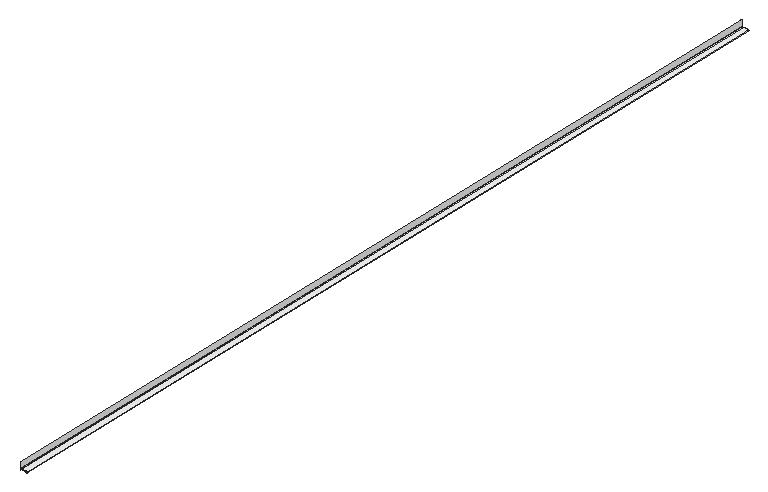
Revit family "111012001058001", category Modelos genéricos, Revit 2018
Family settings
  Puede alojar armadura = No
  Cota de conector redondo = Diámetro de uso
  Tipo de pieza = Normal
  Se basa en plano de trabajo = No
  Siempre vertical = No
  Corte con vacíos al cargar = No
  Compartido = No
  Punto de cálculo de habitación = No
Parameters (values of type "SELLO TINA PVC 25X23MM BLANCO TIRA 3MT")
  Ventajas = "Autoextinguible"
  Uso = "Se utiliza como terminación en las tinas de los baños.\r\nReemplazando la silicona gracias a sus aletas flexibles de PVC\r\nque permiten generar un sello evitando filtraciones"
  Unidad = "Tira 3.00 mts."
  URL = "https://www.empresascnp.cl/"
  Num SKUs = "111012001058001"
  Nombre SKU = "SELLO TINA PVC 25X23MM BLANCO TIRA 3MT"
  Modelo = "SELLO TINA PVC 25X23MM"
  Material = PVC Rígido Coextruído con PVC Flexible blanco
  Url Ficha tecnica = "https://empresascnp.cl/wp-content/uploads//pdf/ficha-tecnica-sello-tina-pvc-25x23mm-blanco-tira-3mt.pdf"
  Largo = 3000.00 mm
  Espesor = 1.50 mm
  Empresa = "CNP SPA."
  Dureza = "Shore D 80"
  Dimension = 25.00 mm
  Descripción = "Se utiliza como terminación en las tinas de los baños"
  Contacto = "info@empresascnp.cl"
  Color = "Blanco o Café"
  Aplicacion = "Se utiliza como terminación en las tinas de los baños"
Reference planes
  plane 1 "Center F/B": y = 0
  plane 2: z = 0
  plane 3 "Center L/R": x = 0
  plane 4: z = 25
  plane 5 "2": y = 1500
  plane 6 "3": y = -1500
  plane 7: x = 23
Forms (mm)
  Extrusion 1, solid, material "PVC Rígido Coextruído con PVC Flexible blanco" <- "Material"
    sketch origin (0, 0, 0) x (1, 0, 0) y (0, 0, 1)
      loop
        line (0, 25) -> (0, 0) -> (1, 0)
        arc (1, 0) -> (1.175, 2.354) -> (1.313, 4.711) r 153.039
        line (1.313, 4.711) -> (9.371, 4.711)
        arc (9.371, 4.711) -> (16.223, 3.564) -> (22.328, 0.248) r 21.042
        arc (22.328, 0.248) -> (22.935, 0.038) -> (23, 0.677) r 0.41
        arc (23, 0.677) -> (16.726, 4.775) -> (9.371, 6.211) r 19.552
        line (9.371, 6.211) -> (1.382, 6.211)
        arc (1.382, 6.211) -> (1.48, 15.611) -> (1, 25) r 153.039
        line (1, 25) -> (0, 25)
    from -1500 to 1500
Dimensions and locks
  "Dimension": plane 4 to level
  equal spacing: plane 6 "3", plane 1 "Center F/B", plane 5 "2"
  "Largo": plane 6 "3" to plane 5 "2"
  plane 7 to plane 3 "Center L/R" = 23.00 mm
  aligned and locked: plane 6 "3" to Extrusion 1
  aligned and locked: Extrusion 1 to plane 5 "2"
Automatic sketch dimensions
  Extrusion 1 sketch curve to Extrusion 1 sketch curve = 0.00 mm  (x3)
  Extrusion 1 sketch curve to level = 0.00 mm
  Extrusion 1 sketch curve to plane 3 "Center L/R" = 0.00 mm
  Extrusion 1 sketch curve to plane 4 = 0.00 mm
  Extrusion 1 sketch curve to plane 7 = 0.00 mm  (x2)
  level to Extrusion 1 sketch curve = 12.50 mm
  Extrusion 1 sketch curve to plane 3 "Center L/R" = 151.527 mm
  plane 3 "Center L/R" to Extrusion 1 sketch curve = 1.00 mm  (x2)
  plane 3 "Center L/R" to Extrusion 1 sketch curve = 1.313 mm
  plane 3 "Center L/R" to Extrusion 1 sketch curve = 1.382 mm
  Extrusion 1 sketch curve to Extrusion 1 sketch curve = 7.989 mm
  Extrusion 1 sketch curve to Extrusion 1 sketch curve = 0.286 mm
  Extrusion 1 sketch curve to level = 13.341 mm
  Extrusion 1 sketch curve to Extrusion 1 sketch curve = 2.99 mm
